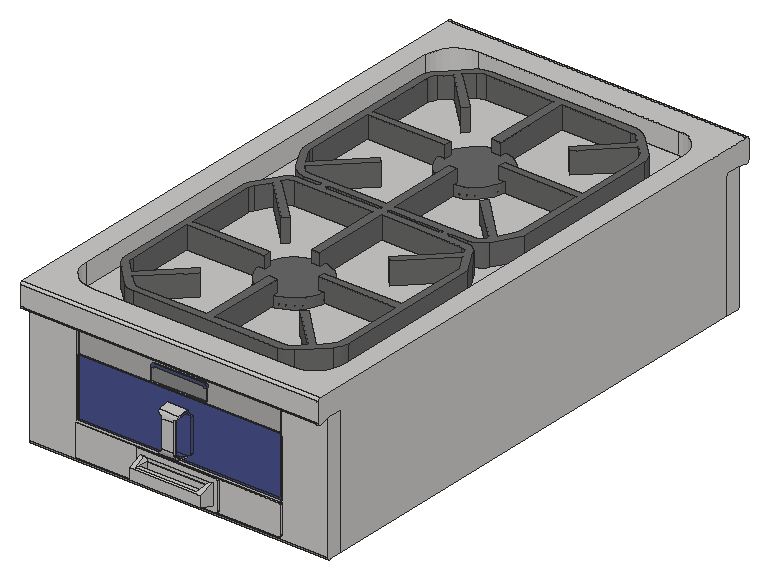
Revit family "QF_ELECTROLUXPROFESSIONAL_589081_MCGDACEOPI", category Specialty Equipment, Revit 2018
Family settings
  Round Connector Dimension = Use Diameter
  Part Type = Normal
  Work Plane-Based = No
  Always vertical = Yes
  Cut with Voids When Loaded = No
  Shared = No
  Room Calculation Point = No
Parameters
  Weight in Pounds = 90.38
  Watts = 0 W
  URL Cutsheet = ""
  Type Mark [instance] = ""
  Status [instance] = ""
  Specification by User [instance] = ""
  Specification by Manufacturer = ""
  Show Clearance [instance] = yes
  Serial Number = ""
  Seismic Rating = ""
  SMACNA No = ""
  Revision Code [instance] = ""
  Omniclass Number and Title = ""
  NAFEM Spec ID Number = ""
  Model = "589081"
  Mechanical Remarks [instance] = ""
  Mechanical Connection Type [instance] = ""
  Masterspec = ""
  Manufacturer = "ELECTROLUX"
  Item Number [instance] = ""
  Installed By [instance] = ""
  Identify Quantity as Lot [instance] = yes
  HP = "0 HP"
  Gas Size = 1/2"
  Gas RI Height [instance] = 0 mm
  Gas KW = 20
  Gas Input = 68180.0 Btu/h
  Gas Connection Height [instance] = 0 mm
  Furnished By [instance] = ""
  Foodservice Equipment Identifier [instance] = yes
  Direct Waste Size = 0"
  Description = "GAS TOP,2 BURNERS,ECO,2SIDE,500X900X250H"
  CSI MasterFormat = ""
  CSI Master Format = ""
  Back Panel [instance] = yes
Reference planes
  plane 1 "BACK": y = 0
  plane 2: z = 0
  plane 3 "LEFT": x = 0
  plane 4 "RIGHT": x = 500
  plane 5 "FRONT": y = -900
  plane 6 "TOP": z = 250
  plane 7: x = 250
  plane 8: y = -450
  plane 9: x = 465
  plane 10: y = -60.425
  plane 11: y = -1330
Forms (mm)
  Extrusion 1, solid, material "QF_Finishes_Stainless Steel"
    sketch origin (0, -487.128, 0) x (0, 1, 0) y (0, 0, 1)
      loop
        line (483.128, 250) -> (-408.872, 250)
        arc (-408.872, 250) -> (-411.7, 248.828) -> (-412.872, 246) r 4
        line (-412.872, 246) -> (-412.872, 214)
        arc (-412.872, 214) -> (-411.437, 210.931) -> (-408.161, 210.064) r 4
        line (-408.161, 210.064) -> (-392.872, 213) -> (-367.872, 213) -> (-367.872, 0) -> (442.128, 0) -> (442.128, 213) -> (465.765, 213) -> (482.433, 210.061)
        arc (482.433, 210.061) -> (485.699, 210.936) -> (487.128, 214) r 4
        line (487.128, 214) -> (487.128, 246)
        arc (487.128, 246) -> (485.956, 248.828) -> (483.128, 250) r 4
    from 0 to 500
  Extrusion 2, void
    sketch origin (653.786, 44.048, 250) x (1, 0, 0) y (0, -1, 0)
      loop
        line (-570.234, 89.462) -> (-235.321, 89.462)
        arc (-235.321, 89.462) -> (-200.694, 103.805) -> (-186.351, 138.432) r 48.97
        line (-186.351, 138.432) -> (-186.351, 850.078)
        arc (-186.351, 850.078) -> (-200.694, 884.705) -> (-235.321, 899.048) r 48.97
        line (-235.321, 899.048) -> (-570.234, 899.048)
        arc (-570.234, 899.048) -> (-605.59, 884.403) -> (-620.234, 849.048) r 50
        line (-620.234, 849.048) -> (-620.234, 139.462)
        arc (-620.234, 139.462) -> (-605.59, 104.107) -> (-570.234, 89.462) r 50
    from 0 to 37
  Extrusion 3, solid, material "QF_Finishes_Stainless Steel"
    sketch origin (10, -759, 0) x (1, 0, 0) y (0, -1, 0)
      loop
        circle (455, -169) r 6.35
    from 0 to 3.2
  Extrusion 4, solid, material "QF_Door-Drawer Clearances", visible <- "Show Clearance", detail levels coarse
    sketch origin (-178.969, -4572, 0) x (-1, 0, 0) y (0, -1, 0)
      loop
        line (-257.364, -3689.407) -> (-257.364, -3242) -> (-601.364, -3242) -> (-601.364, -3689.407) -> (-257.364, -3689.407)
    from 8.012 to 59.392
Cuts and joins
  Extrusion 2 cuts Extrusion 1
Lines and regions (mm)
  symbolic lines
    curve 1: line (0, 0, 0) -> (500, 0, 0)
    curve 2: line (0, -900, 0) -> (0, 0, 0)
    curve 3: line (500, -900, 0) -> (0, -900, 0)
    curve 4: line (500, 0, 0) -> (500, -900, 0)
    curve 5: arc (83.552, -855, 0) -> (48.197, -840.355, 0) -> (33.552, -805, 0) r 50
    curve 6: line (33.552, -805, 0) -> (33.552, -95.414, 0)
    curve 7: arc (33.552, -95.414, 0) -> (48.197, -60.059, 0) -> (83.552, -45.414, 0) r 50
    curve 8: line (83.552, -45.414, 0) -> (418.465, -45.414, 0)
    curve 9: arc (418.465, -45.414, 0) -> (453.092, -59.757, 0) -> (467.435, -94.384, 0) r 48.97
    curve 10: line (467.435, -94.384, 0) -> (467.435, -806.03, 0)
    curve 11: arc (467.435, -806.03, 0) -> (453.092, -840.657, 0) -> (418.465, -855, 0) r 48.97
    curve 12: line (418.465, -855, 0) -> (83.552, -855, 0)
  symbolic lines, style "QF_Door-Drawer Clearances"
    curve 13: line (78.395, -900, 0) -> (78.395, -1330, 0)
    curve 14: line (78.395, -1330, 0) -> (422.395, -1330, 0)
    curve 15: line (422.395, -1330, 0) -> (422.395, -900, 0)
Dimensions and locks
  plane 3 "LEFT" to plane 4 "RIGHT" = 500 mm
  plane 5 "FRONT" to plane 1 "BACK" = 900 mm
  equal spacing: plane 3 "LEFT", plane 7, plane 4 "RIGHT"
  equal spacing: plane 5 "FRONT", plane 8, plane 1 "BACK"
  plane 6 "TOP" to level = 250 mm  (x2)
  plane 1 "BACK" to plane 5 "FRONT" = 900 mm
  Extrusion 3 sketch curve to plane 1 "BACK" = 590 mm
  Extrusion 3 sketch curve to plane 4 "RIGHT" = 35 mm
  plane 1 "BACK" to Extrusion 3 = 590 mm
  plane 9 to plane 4 "RIGHT" = 35 mm
  plane 5 "FRONT" to plane 11 = 430 mm
  aligned and locked: level to plane 2
  aligned and locked: plane 7 to nested 1
  aligned and locked: Extrusion 1 to plane 4 "RIGHT"
Automatic sketch dimensions
  Extrusion 1 sketch curve to plane 5 "FRONT" = 0 mm
  Extrusion 1 sketch curve to plane 6 "TOP" = 0 mm
  Extrusion 1 sketch curve to level = 0 mm
  Extrusion 1 sketch curve to plane 1 "BACK" = 0 mm
  Extrusion 1 sketch curve to plane 6 "TOP" = 37 mm  (x2)
  Extrusion 1 sketch curve to plane 5 "FRONT" = 4 mm
  Extrusion 1 sketch curve to plane 5 "FRONT" = 20 mm
  Extrusion 1 sketch curve to plane 5 "FRONT" = 45 mm
  plane 1 "BACK" to Extrusion 1 sketch curve = 21.363 mm
  plane 1 "BACK" to Extrusion 1 sketch curve = 4 mm  (x2)
  Extrusion 1 sketch curve to Extrusion 1 sketch curve = 4 mm
  Extrusion 1 sketch curve to Extrusion 1 sketch curve = 0.711 mm
  plane 1 "BACK" to Extrusion 1 sketch curve = 4.695 mm
  Extrusion 1 sketch curve to Extrusion 1 sketch curve = 0 mm  (x2)
  Extrusion 1 sketch curve to Extrusion 1 sketch curve = 1 mm  (x2)
  plane 1 "BACK" to Extrusion 1 sketch curve = 45 mm
  plane 1 "BACK" to curve 1 = 0 mm
  curve 1 to plane 4 "RIGHT" = 0 mm
  curve 2 to plane 3 "LEFT" = 0 mm
  plane 5 "FRONT" to curve 2 = 0 mm
  Extrusion 2 sketch curve to Extrusion 2 sketch curve = 50 mm  (x2)
  Extrusion 1 to Extrusion 2 sketch curve = 81.535 mm  (x2)
  Extrusion 1 to Extrusion 2 sketch curve = 41 mm
  Extrusion 1 to Extrusion 2 sketch curve = 32.565 mm
  Extrusion 1 to Extrusion 2 sketch curve = 33.552 mm
  Extrusion 1 to Extrusion 2 sketch curve = 91.414 mm
  curve 10 to plane 9 = 2.435 mm
  plane 10 to curve 8 = 15.012 mm
  plane 9 to curve 8 = 46.535 mm
  plane 3 "LEFT" to curve 8 = 83.552 mm
  plane 3 "LEFT" to curve 6 = 33.552 mm
  curve 6 to plane 5 "FRONT" = 95 mm
  plane 9 to curve 12 = 46.535 mm
  curve 10 to plane 5 "FRONT" = 93.97 mm
  Extrusion 4 sketch curve to plane 5 "FRONT" = 17.407 mm
  plane 7 to Extrusion 4 sketch curve = 172.395 mm
  plane 3 "LEFT" to Extrusion 4 sketch curve = 78.395 mm
  plane 5 "FRONT" to Extrusion 4 sketch curve = 430 mm
  curve 13 to plane 11 = 0 mm
  plane 3 "LEFT" to curve 13 = 78.395 mm
  plane 9 to curve 14 = 42.605 mm
  curve 13 to plane 5 "FRONT" = 0 mm
  curve 15 to plane 5 "FRONT" = 0 mm
  radius of Extrusion 3 sketch curve = 6.35 mm
Nested families
  nested 1: "EG_900_500_Single Range Control Handle Front Panel" at (202.376, -855, -650), type "EG_900_500_Single Range Control Handle Front Panel"
  nested 2: "OBT_900_Open Burner" at (250, -450.207, -649.319), type "OBT_900_Open Burner"
  nested 3: "EG_900_500_Single Range Control Handle Back Panel" at (202.376, -45, -650), type "EG_900_500_Single Range Control Handle Back Panel"
Connectors
  piping at (465, -590, -3.2), diameter 12.8
    settings: on Extrusion 3, index 1, connector inside diameter 0.50394", connector length 0 mm, flow factor 0, pipe flow 0 GPM, pressure drop 0.00 psi, fitting loss kfactor 0, connector angle 0.00°, fixture units 0, engagement length 0 mm, angle of deflection 0.00°, flow configuration 1, flow direction 1, fitting loss method 0, system type 7, joint type 0, gender type 0, connector reference index -1, connector utility 0, adjustable connector no, is connector primary yes, connector description "GAS CONNECTION"
Definition of nested family "EG_900_500_Single Range Control Handle Front Panel"
  Reference planes
    plane 1 "Center (Front/Back)": y = 0
    plane 2: z = 0
    plane 3 "Center (Left/Right)": x = 47.624
    plane 4: x = -202.376
    plane 5: x = 297.624
    plane 6: y = -45
  Forms (mm)
    Extrusion 1, solid
      sketch origin (833.217, 829.203, -1.25) x (0, 1, 0) y (0, 0, 1)
        loop
          arc (-854.203, 654.25) -> (-853.324, 652.129) -> (-851.203, 651.25) r 3
          line (-851.203, 651.25) -> (-829.203, 651.25) -> (-829.203, 864.25) -> (-854.203, 864.25) -> (-854.203, 654.25)
      from -1035.593 to -535.593
    Extrusion 2, void
      sketch origin (33.217, 829.203, -1.25) x (1, 0, 0) y (0, 0, 1)
        loop
          line (-157.593, 855.116) -> (-157.593, 713.116) -> (186.407, 713.116) -> (186.407, 855.116) -> (-157.593, 855.116)
      from 848.59 to 854.203
  Cuts and joins
    Extrusion 2 cuts Extrusion 1
  Dimensions and locks
    equal spacing: plane 5, plane 3 "Center (Left/Right)", plane 4
    plane 5 to plane 4 = 500 mm
    aligned and locked: cut or joined group of Extrusion 1, Extrusion 2 to plane 4
    aligned and locked: plane 5 to cut or joined group of Extrusion 1, Extrusion 2
    aligned and locked: plane 3 "Center (Left/Right)" to nested 1
    aligned and locked: cut or joined group of Extrusion 1, Extrusion 2 to nested 1
  Automatic sketch dimensions
    Extrusion 1 sketch curve to plane 1 "Center (Front/Back)" = 0 mm
    plane 1 "Center (Front/Back)" to Extrusion 1 sketch curve = 22 mm
    Extrusion 1 sketch curve to Extrusion 1 sketch curve = 3 mm
    level to Extrusion 1 sketch curve = 650 mm
    Extrusion 1 sketch curve to Extrusion 1 sketch curve = 210 mm
    plane 4 to Extrusion 2 sketch curve = 78 mm
    Extrusion 2 sketch curve to plane 5 = 78 mm
    level to Extrusion 2 sketch curve = 711.866 mm
    Extrusion 2 sketch curve to Extrusion 2 sketch curve = 142 mm
  Nested families
    nested 1: "glass conrol panel" at (47.624, 280.644, 2.752), type "glass conrol panel"
    nested 2: "Range Control Handle" at (47.624, -28.137, -209.113), type "Range Control Handle"
    nested 3: "grease trap door" at (-19.975, -25, 0), type "grease trap door"
  Definition of nested family "glass conrol panel"
    Reference planes
      plane 1 "Center (Front/Back)": y = 0
      plane 2: z = 0
      plane 3 "Center (Left/Right)": x = 0
    Forms (mm)
      Extrusion 1, solid
        sketch origin (378.286, 0, 0.617) x (1, 0, 0) y (0, 0, 1)
          loop
            line (-550.286, 806.791) -> (-550.286, 708.497) -> (-206.286, 708.497) -> (-206.286, 806.791) -> (-550.286, 806.791)
        from 300.031 to 304.8
      Extrusion 2, solid
        sketch origin (378.286, 0, 0.617) x (1, 0, 0) y (0, 0, 1)
          loop
            line (-550.286, 850.497) -> (-550.286, 806.791) -> (-206.286, 806.791) -> (-206.286, 850.497) -> (-550.286, 850.497)
        from 300.031 to 304.8
      Extrusion 3, void
        sketch origin (378.286, 0, 0.617) x (1, 0, 0) y (0, 0, 1)
          loop
            line (-547.628, 847.565) -> (-547.628, 710.699) -> (-209.196, 710.699) -> (-209.196, 847.565) -> (-547.628, 847.565)
        from 303.697 to 304.8
      Extrusion 4, solid
        sketch origin (308.309, 1.101, -0.633) x (1, 0, 0) y (0, 0, 1)
          loop
            line (-261.431, 812.62) -> (-261.431, 834.177) -> (-266.24, 834.177) -> (-268.039, 835.977) -> (-348.469, 835.977) -> (-350.269, 834.177) -> (-355.186, 834.177) -> (-355.186, 812.62) -> (-261.431, 812.62)
        from 304.798 to 306.745
      Extrusion 5, solid
        sketch origin (308.309, 1.101, -0.633) x (1, 0, 0) y (0, 0, 1)
          loop
            line (-350.269, 834.177) -> (-348.469, 835.977) -> (-268.039, 835.977) -> (-266.24, 834.177) -> (-261.529, 834.177)
            arc (-261.529, 834.177) -> (-262.706, 838.752) -> (-266.98, 840.763) r 5.549
            line (-266.98, 840.763) -> (-349.686, 840.763)
            arc (-349.686, 840.763) -> (-353.942, 838.747) -> (-355.078, 834.177) r 5.5
            line (-355.078, 834.177) -> (-350.269, 834.177)
        from 304.798 to 306.745
    Cuts and joins
      Extrusion 3 cuts Extrusion 1
      Extrusion 3 cuts Extrusion 2
    Dimensions and locks
      aligned and locked: Extrusion 1 to Extrusion 2
      aligned and locked: Extrusion 5 sketch curve to Extrusion 4  (x4)
      aligned and locked: Extrusion 4 to Extrusion 5 sketch curve
      aligned and locked: Extrusion 5 to Extrusion 4
  Definition of nested family "Range Control Handle"
    Reference planes
      plane 1 "Center (Front/Back)": y = 0
      plane 2: z = 0
      plane 3 "Center (Left/Right)": x = 0
      plane 4: z = 971.092
      plane 5: y = -16.9
    Forms (mm)
      Extrusion 1, solid
        sketch origin (-746.28, 380.497, 208.931) x (-1, 0, 0) y (0, 0, 1)
          loop
            line (-770.101, 786.798) -> (-770.101, 731.649)
            arc (-770.101, 731.649) -> (-769.759, 730.563) -> (-768.855, 729.87) r 1.893
            line (-768.855, 729.87) -> (-763.474, 727.911) -> (-729.81, 727.911) -> (-724.428, 729.87)
            arc (-724.428, 729.87) -> (-723.525, 730.563) -> (-723.183, 731.649) r 1.893
            line (-723.183, 731.649) -> (-723.183, 786.798)
            arc (-723.183, 786.798) -> (-723.529, 787.894) -> (-724.44, 788.593) r 1.91
            line (-724.44, 788.593) -> (-729.683, 790.819) -> (-763.601, 790.819) -> (-768.844, 788.593)
            arc (-768.844, 788.593) -> (-769.755, 787.894) -> (-770.101, 786.798) r 1.91
        from -382.35 to -378.852
      Sweep 2, solid
        path origin (-746.788, 380.496, 208.091) x (0, -1, 0) y (0, 0, 1)
          loop
            line (379.775, 793.281) -> (395.661, 791.048)
            arc (395.661, 791.048) -> (397.781, 787.377) -> (398.517, 783.202) r 12.207
            line (398.517, 783.202) -> (398.517, 737.368)
            arc (398.517, 737.368) -> (397.781, 733.193) -> (395.661, 729.522) r 12.207
            line (395.661, 729.522) -> (379.775, 727.289)
        profile origin (-746.788, -7.222, 1000.256) x (0, -0.139173, 0.990268) y (-1, 0, 0)
          loop
            line (0.782, -763.123) -> (0.782, -730.907) -> (-1.322, -730.907) -> (-1.322, -763.123) -> (0.782, -763.123)
      Sweep 3, solid
        path origin (-746.788, 380.715, 207.832) x (0, -1, 0) y (0, 0, 1)
          loop
            line (380.478, 795.442) -> (397.218, 793.09)
            arc (397.218, 793.09) -> (399.929, 788.473) -> (400.871, 783.202) r 15.207
            line (400.871, 783.202) -> (400.871, 737.584)
            arc (400.871, 737.584) -> (399.914, 732.274) -> (397.164, 727.633) r 15.207
            line (397.164, 727.633) -> (380.601, 725.305)
        profile origin (-746.788, -8.132, 1002.099) x (0, -0.139173, 0.990268) y (-1, 0, 0)
          loop
            line (0.782, -763.123) -> (0.782, -730.907) -> (-1.322, -730.907) -> (-1.322, -763.123) -> (0.782, -763.123)
      Extrusion 4, void
        sketch origin (889.253, 220.666, 207.993) x (1, 0, 0) y (0, 0, 1)
          loop
            line (-943.038, 816.854) -> (-943.038, 703.686) -> (-899.466, 734.196) -> (-899.466, 786.344) -> (-943.038, 816.854)
        from 230.636 to 242.25
      Extrusion 5, void
        sketch origin (-888.8, 220.666, 207.993) x (-1, 0, 0) y (0, 0, -1)
          loop
            line (-943.038, -816.854) -> (-899.466, -786.344) -> (-899.466, -734.196) -> (-943.038, -703.686) -> (-943.038, -816.854)
        from 230.636 to 242.25
      Extrusion 6, solid
        sketch origin (0, 0, 0) x (1, 0, 0) y (0, 0, 1)
          loop
            circle (0, 971.092) r 7.736
        from -3.137 to -1.645
    Cuts and joins
      Extrusion 4, Extrusion 5 cuts Sweep 3
      Extrusion 4, Extrusion 5 cuts Sweep 2
      joined: Extrusion 1, Extrusion 6
    Lines and regions (mm)
      symbolic lines
        curve 1: line (16.334, -16.9, 0) -> (16.334, -19.227, 0)
        curve 2: spline (16.334, -19.227, 0) -> (15.87, -19.385, 0) -> (15.404, -19.536, 0) -> (14.936, -19.678, 0) -> (14.466, -19.813, 0) -> (13.995, -19.94, 0) -> (13.523, -20.059, 0) -> (13.049, -20.171, 0) -> (12.575, -20.274, 0) -> (12.099, -20.37, 0) -> (11.622, -20.458, 0) -> (11.144, -20.537, 0) -> (10.666, -20.609, 0)
        curve 3: line (10.666, -16.9, 0) -> (10.666, -20.938, 0)
        curve 4: line (-10.213, -20.938, 0) -> (10.666, -20.938, 0)
        curve 5: line (-10.213, -20.938, 0) -> (-10.213, -16.9, 0)
        curve 6: spline (-10.213, -20.609, 0) -> (-10.691, -20.537, 0) -> (-11.169, -20.458, 0) -> (-11.646, -20.37, 0) -> (-12.122, -20.274, 0) -> (-12.597, -20.171, 0) -> (-13.07, -20.059, 0) -> (-13.542, -19.94, 0) -> (-14.013, -19.813, 0) -> (-14.483, -19.678, 0) -> (-14.951, -19.536, 0) -> (-15.417, -19.385, 0) -> (-15.881, -19.227, 0)
        curve 7: line (-15.881, -19.227, 0) -> (-15.881, -16.9, 0)
  Definition of nested family "grease trap door"
    Reference planes
      plane 1 "Center (Front/Back)": y = 0
      plane 2: z = 0
      plane 3 "Center (Left/Right)": x = 0
      plane 4: y = -20
    Forms (mm)
      Extrusion 1, solid
        sketch origin (1627.55, 854.203, -1.25) x (1, 0, 0) y (0, 0, 1)
          loop
            arc (-1627.55, 661.235) -> (-1626.972, 659.84) -> (-1625.577, 659.262) r 1.973
            line (-1625.577, 659.262) -> (-1494.325, 659.262)
            arc (-1494.325, 659.262) -> (-1492.156, 660.16) -> (-1491.258, 662.329) r 3.067
            line (-1491.258, 662.329) -> (-1491.258, 708.803)
            arc (-1491.258, 708.803) -> (-1492.414, 710.143) -> (-1494.111, 710.642) r 3.133
            line (-1494.111, 710.642) -> (-1625.486, 710.642)
            arc (-1625.486, 710.642) -> (-1626.945, 710.038) -> (-1627.55, 708.579) r 2.063
            line (-1627.55, 708.579) -> (-1627.55, 661.235)
        from 856.795 to 859.203
      Extrusion 2, solid
        sketch origin (445.874, 2476.61, 0) x (0, 1, 0) y (0, 0, 1)
          loop
            line (-2506.377, 675.273) -> (-2481.61, 667.505) -> (-2481.61, 700.995) -> (-2506.377, 693.227) -> (-2506.377, 675.273)
        from -437.68 to -317.68
      Extrusion 3, void
        sketch origin (1627.55, 854.203, -1.25) x (1, 0, 0) y (0, 0, 1)
          loop
            line (-1614.883, 703) -> (-1610.542, 695.433) -> (-1508.17, 695.433) -> (-1503.828, 703) -> (-1614.883, 703)
          loop
            line (-1614.883, 668) -> (-1502.669, 668) -> (-1507.01, 675.567) -> (-1610.542, 675.567) -> (-1614.883, 668)
        from 832.916 to 883.97
      Extrusion 4, void
        sketch origin (447.55, 854.203, -1.25) x (1, 0, 0) y (0, 0, 1)
          loop
            line (-430.542, 695.433) -> (-430.542, 675.567) -> (-328.17, 675.567) -> (-328.17, 695.433) -> (-430.542, 695.433)
        from 859.203 to 874.202
      Extrusion 5, solid
        sketch origin (1627.55, 854.203, -1.25) x (1, 0, 0) y (0, 0, 1)
          loop
            arc (-1731.556, 661.235) -> (-1730.978, 659.84) -> (-1729.583, 659.262) r 1.973
            line (-1729.583, 659.262) -> (-1390.623, 659.262)
            arc (-1390.623, 659.262) -> (-1388.454, 660.16) -> (-1387.556, 662.329) r 3.067
            line (-1387.556, 662.329) -> (-1387.556, 708.803)
            arc (-1387.556, 708.803) -> (-1388.712, 710.143) -> (-1390.409, 710.642) r 3.133
            line (-1390.409, 710.642) -> (-1729.493, 710.642)
            arc (-1729.493, 710.642) -> (-1730.952, 710.038) -> (-1731.556, 708.579) r 2.063
            line (-1731.556, 708.579) -> (-1731.556, 661.235)
        from 854.203 to 856.795
    Cuts and joins
      Extrusion 3 cuts Extrusion 1
      Extrusion 3, Extrusion 4 cuts Extrusion 2
      joined: Extrusion 1, Extrusion 2
    Lines and regions (mm)
      model lines
        curve 1: line (67.599, 0, 658.012) -> (67.599, 0, 709.392)
      symbolic lines
        curve 2: line (8.194, -20, 0) -> (8.194, -29.767, 0)
        curve 3: line (8.194, -29.767, 0) -> (128.194, -29.767, 0)
        curve 4: line (128.194, -29.767, 0) -> (128.194, -20, 0)
    Dimensions and locks
      aligned and locked: Extrusion 2 to Extrusion 1
      aligned and locked: Extrusion 3 to Extrusion 2
      aligned and locked: Extrusion 4 to Extrusion 1
Definition of nested family "OBT_900_Open Burner"
  Reference planes
    plane 1 "Center (Front/Back)": y = 0
    plane 2: z = 0
    plane 3 "Center (Left/Right)": x = 0
    plane 4: x = -186.448
    plane 5: x = 187.435
    plane 6: y = 374.793
    plane 7: y = -374.793
    plane 8: y = -188.326
  Forms (mm)
    Extrusion 1, solid
      sketch origin (2130.573, 56.896, -679.622) x (1, 0, 0) y (0, 1, 0)
        loop
          line (-2137.44, 306.49) -> (-2250.793, 306.49)
          arc (-2250.793, 306.49) -> (-2257.908, 305.075) -> (-2263.94, 301.044) r 18.593
          line (-2263.94, 301.044) -> (-2276.233, 288.751) -> (-2213.48, 225.998) -> (-2221.6, 217.877) -> (-2284.354, 280.631) -> (-2300.33, 264.654)
          arc (-2300.33, 264.654) -> (-2304.433, 258.337) -> (-2305.614, 250.897) r 18.125
          line (-2305.614, 250.897) -> (-2305.614, 138.422) -> (-2175.79, 138.422) -> (-2175.79, 126.938) -> (-2305.614, 126.938) -> (-2305.614, 10.897)
          arc (-2305.614, 10.897) -> (-2304.981, 6.085) -> (-2303.123, 1.601) r 18.593
          line (-2303.123, 1.601) -> (-2290.078, -20.994) -> (-2221.6, 47.483) -> (-2213.48, 39.363) -> (-2284.012, -31.169)
          arc (-2284.012, -31.169) -> (-2278.546, -38.527) -> (-2270.23, -42.379) r 18.593
          line (-2270.23, -42.379) -> (-2137.44, -42.379) -> (-2137.44, 87.464) -> (-2123.707, 87.464) -> (-2123.707, -42.379) -> (-1989.813, -42.379)
          arc (-1989.813, -42.379) -> (-1981.496, -38.527) -> (-1976.031, -31.169) r 18.593
          line (-1976.031, -31.169) -> (-2047.115, 39.915) -> (-2038.994, 48.035) -> (-1969.962, -20.997) -> (-1954.428, 5.916) -> (-1954.428, 126.938) -> (-2085.357, 126.938) -> (-2085.357, 138.422) -> (-1954.428, 138.422) -> (-1954.428, 247.888)
          arc (-1954.428, 247.888) -> (-1956.538, 258.496) -> (-1962.547, 267.489) r 27.72
          line (-1962.547, 267.489) -> (-1975.689, 280.631) -> (-2038.994, 217.325) -> (-2047.115, 225.446) -> (-1983.809, 288.751) -> (-1996.102, 301.044)
          arc (-1996.102, 301.044) -> (-2002.134, 305.075) -> (-2009.25, 306.49) r 18.593
          line (-2009.25, 306.49) -> (-2123.707, 306.49) -> (-2123.707, 177.897) -> (-2137.44, 177.897) -> (-2137.44, 306.49)
        loop
          arc (-2317.021, 10.897) -> (-2315.999, 3.132) -> (-2313.002, -4.103) r 30
          line (-2313.002, -4.103) -> (-2292.795, -39.103)
          arc (-2292.795, -39.103) -> (-2281.814, -50.084) -> (-2266.814, -54.103) r 30
          line (-2266.814, -54.103) -> (-2239.287, -54.103)
          arc (-2239.287, -54.103) -> (-2238.243, -56) -> (-2236.272, -56.896) r 3.438
          arc (-2236.272, -56.896) -> (-2238.243, -57.792) -> (-2239.287, -59.689) r 3.438
          line (-2239.287, -59.689) -> (-2266.814, -59.689)
          arc (-2266.814, -59.689) -> (-2281.814, -63.708) -> (-2292.795, -74.689) r 30
          line (-2292.795, -74.689) -> (-2313.002, -109.689)
          arc (-2313.002, -109.689) -> (-2315.999, -116.924) -> (-2317.021, -124.689) r 30
          line (-2317.021, -124.689) -> (-2317.021, -365.461)
          arc (-2317.021, -365.461) -> (-2314.738, -376.941) -> (-2308.234, -386.674) r 30
          line (-2308.234, -386.674) -> (-2271.975, -422.933)
          arc (-2271.975, -422.933) -> (-2262.253, -429.414) -> (-2250.793, -431.689) r 30
          line (-2250.793, -431.689) -> (-2009.25, -431.689)
          arc (-2009.25, -431.689) -> (-1997.786, -429.412) -> (-1988.062, -422.928) r 30
          line (-1988.062, -422.928) -> (-1951.808, -386.674)
          arc (-1951.808, -386.674) -> (-1945.305, -376.941) -> (-1942.982, -365.461) r 30
          line (-1942.982, -365.461) -> (-1942.982, -116.719) -> (-1967.248, -74.689)
          arc (-1967.248, -74.689) -> (-1978.229, -63.708) -> (-1993.229, -59.689) r 30
          line (-1993.229, -59.689) -> (-2020.319, -59.689)
          arc (-2020.319, -59.689) -> (-2021.979, -57.759) -> (-2024.375, -56.896) r 5
          arc (-2024.375, -56.896) -> (-2021.979, -56.033) -> (-2020.319, -54.103) r 5
          line (-2020.319, -54.103) -> (-1993.229, -54.103)
          arc (-1993.229, -54.103) -> (-1978.229, -50.084) -> (-1967.248, -39.103) r 30
          line (-1967.248, -39.103) -> (-1943.138, 2.656) -> (-1943.138, 254.314)
          arc (-1943.138, 254.314) -> (-1945.839, 264.361) -> (-1951.808, 272.882) r 30
          line (-1951.808, 272.882) -> (-1988.062, 309.136)
          arc (-1988.062, 309.136) -> (-1997.786, 315.62) -> (-2009.25, 317.897) r 30
          line (-2009.25, 317.897) -> (-2250.793, 317.897)
          arc (-2250.793, 317.897) -> (-2262.253, 315.622) -> (-2271.975, 309.141) r 30
          line (-2271.975, 309.141) -> (-2308.234, 272.882)
          arc (-2308.234, 272.882) -> (-2314.738, 263.149) -> (-2317.021, 251.669) r 30
          line (-2317.021, 251.669) -> (-2317.021, 10.897)
        loop
          arc (-2122.397, -54.103) -> (-2124.057, -56.033) -> (-2126.452, -56.896) r 5
          arc (-2126.452, -56.896) -> (-2124.057, -57.759) -> (-2122.397, -59.689) r 5
          line (-2122.397, -59.689) -> (-2035.829, -59.689)
          arc (-2035.829, -59.689) -> (-2034.784, -57.792) -> (-2032.813, -56.896) r 3.438
          arc (-2032.813, -56.896) -> (-2034.784, -56) -> (-2035.829, -54.103) r 3.438
          line (-2035.829, -54.103) -> (-2122.397, -54.103)
        loop
          arc (-2223.778, -54.103) -> (-2225.438, -56.033) -> (-2227.833, -56.896) r 5
          arc (-2227.833, -56.896) -> (-2225.438, -57.759) -> (-2223.778, -59.689) r 5
          line (-2223.778, -59.689) -> (-2137.906, -59.689)
          arc (-2137.906, -59.689) -> (-2136.862, -57.792) -> (-2134.891, -56.896) r 3.438
          arc (-2134.891, -56.896) -> (-2136.862, -56) -> (-2137.906, -54.103) r 3.438
          line (-2137.906, -54.103) -> (-2223.778, -54.103)
        loop
          line (-2137.44, -420.282) -> (-2137.44, -290.439) -> (-2123.707, -290.439) -> (-2123.707, -420.282) -> (-2009.25, -420.282)
          arc (-2009.25, -420.282) -> (-2002.134, -418.867) -> (-1996.102, -414.836) r 18.593
          line (-1996.102, -414.836) -> (-1983.184, -401.918) -> (-2047.115, -337.988) -> (-2038.994, -329.867) -> (-1975.064, -393.798) -> (-1962.547, -381.281)
          arc (-1962.547, -381.281) -> (-1956.538, -372.288) -> (-1954.428, -361.68) r 27.72
          line (-1954.428, -361.68) -> (-1954.428, -250.964) -> (-2085.357, -250.964) -> (-2085.357, -239.48) -> (-1954.428, -239.48) -> (-1954.428, -119.708) -> (-1970.42, -92.003) -> (-2038.994, -160.577) -> (-2047.115, -152.457) -> (-1976.413, -81.755)
          arc (-1976.413, -81.755) -> (-1981.868, -74.971) -> (-1989.813, -71.413) r 18.593
          line (-1989.813, -71.413) -> (-2123.707, -71.413) -> (-2123.707, -200.006) -> (-2137.44, -200.006) -> (-2137.44, -71.413) -> (-2270.23, -71.413)
          arc (-2270.23, -71.413) -> (-2278.175, -74.971) -> (-2283.629, -81.755) r 18.593
          line (-2283.629, -81.755) -> (-2213.48, -151.905) -> (-2221.6, -160.025) -> (-2289.62, -92.005) -> (-2303.123, -115.393)
          arc (-2303.123, -115.393) -> (-2304.981, -119.877) -> (-2305.614, -124.689) r 18.593
          line (-2305.614, -124.689) -> (-2305.614, -239.48) -> (-2175.79, -239.48) -> (-2175.79, -250.964) -> (-2305.614, -250.964) -> (-2305.614, -364.689)
          arc (-2305.614, -364.689) -> (-2304.433, -372.129) -> (-2300.33, -378.446) r 18.125
          line (-2300.33, -378.446) -> (-2284.979, -393.798) -> (-2221.6, -330.419) -> (-2213.48, -338.54) -> (-2276.858, -401.918) -> (-2263.94, -414.836)
          arc (-2263.94, -414.836) -> (-2257.908, -418.867) -> (-2250.793, -420.282) r 18.593
          line (-2250.793, -420.282) -> (-2137.44, -420.282)
      from 1542.072 to 1578.941
    Extrusion 2, solid
      sketch origin (2130.573, 61.122, 0) x (1, 0, 0) y (0, 1, 0)
        loop
          circle (-2130.573, -249.448) r 55
        loop
          circle (-2130.573, 128.455) r 55
      from 862.45 to 879.837
    Extrusion 3, void
      sketch origin (-124.371, -355.785, -22.784) x (-0.587785, -0.809017, 0) y (0, 0, 1)
        loop
          circle (-213.495, 891.283) r 1
      from -67.69 to -35.114
    Extrusion 4, void
      sketch origin (-89.903, -376.417, -22.784) x (-0.422618, -0.906308, 0) y (0, 0, 1)
        loop
          circle (-213.495, 891.283) r 1
      from -74.826 to -35.114
    Extrusion 5, void
      sketch origin (-52.131, -390.093, -22.784) x (-0.241922, -0.970296, 0) y (0, 0, 1)
        loop
          circle (-213.495, 891.283) r 1
      from -67.69 to -35.114
    Extrusion 6, void
      sketch origin (27.702, -394.842, -22.784) x (0.139173, -0.990268, 0) y (0, 0, 1)
        loop
          circle (-213.495, 891.283) r 1
      from -67.69 to -35.114
    Extrusion 7, void
      sketch origin (66.829, -385.74, -22.784) x (0.325568, -0.945519, 0) y (0, 0, 1)
        loop
          circle (-213.495, 891.283) r 1
      from -67.69 to -35.114
    Extrusion 8, void
      sketch origin (103.5, -369.339, -22.784) x (0.5, -0.866025, 0) y (0, 0, 1)
        loop
          circle (-213.495, 891.283) r 1
      from -67.69 to -35.114
    Extrusion 9, void
      sketch origin (136.368, -346.242, -22.784) x (0.656059, -0.75471, 0) y (0, 0, 1)
        loop
          circle (-213.495, 891.283) r 1
      from -67.69 to -35.114
    Extrusion 10, void
      sketch origin (164.225, -317.298, -22.784) x (0.788011, -0.615661, 0) y (0, 0, 1)
        loop
          circle (-213.495, 891.283) r 1
      from -67.69 to -35.114
    Extrusion 11, void
      sketch origin (186.048, -283.571, -22.784) x (0.891007, -0.45399, 0) y (0, 0, 1)
        loop
          circle (-213.495, 891.283) r 1
      from -67.69 to -35.114
    Extrusion 12, void
      sketch origin (201.034, -246.299, -22.784) x (0.961262, -0.275637, 0) y (0, 0, 1)
        loop
          circle (-213.495, 891.283) r 1
      from -67.69 to -35.114
    Extrusion 13, void
      sketch origin (208.566, -166.681, -22.784) x (0.994522, 0.104528, 0) y (0, 0, 1)
        loop
          circle (-213.495, 891.283) r 1
      from -67.69 to -35.114
    Extrusion 14, void
      sketch origin (200.835, -127.26, -22.784) x (0.956305, 0.292372, 0) y (0, 0, 1)
        loop
          circle (-213.495, 891.283) r 1
      from -67.69 to -35.114
    Extrusion 15, void
      sketch origin (185.724, -90.039, -22.784) x (0.882948, 0.469472, 0) y (0, 0, 1)
        loop
          circle (-213.495, 891.283) r 1
      from -67.69 to -35.114
    Extrusion 16, void
      sketch origin (163.788, -56.385, -22.784) x (0.777146, 0.62932, 0) y (0, 0, 1)
        loop
          circle (-213.495, 891.283) r 1
      from -67.69 to -35.114
    Extrusion 17, void
      sketch origin (135.834, -27.534, -22.784) x (0.642788, 0.766044, 0) y (0, 0, 1)
        loop
          circle (-213.495, 891.283) r 1
      from -67.69 to -35.114
    Extrusion 18, void
      sketch origin (102.889, -4.548, -22.784) x (0.48481, 0.87462, 0) y (0, 0, 1)
        loop
          circle (-213.495, 891.283) r 1
      from -67.69 to -35.114
    Extrusion 19, void
      sketch origin (66.163, 11.73, -22.784) x (0.309017, 0.951057, 0) y (0, 0, 1)
        loop
          circle (-213.495, 891.283) r 1
      from -67.69 to -35.114
    Extrusion 20, void
      sketch origin (-52.811, 15.685, -22.784) x (-0.258819, 0.965926, 0) y (0, 0, 1)
        loop
          circle (-213.495, 891.283) r 1
      from -67.69 to -35.114
    Extrusion 21, void
      sketch origin (-90.537, 1.882, -22.784) x (-0.438371, 0.898794, 0) y (0, 0, 1)
        loop
          circle (-213.495, 891.283) r 1
      from -67.69 to -35.114
    Extrusion 22, void
      sketch origin (-124.936, -18.865, -22.784) x (-0.601815, 0.798636, 0) y (0, 0, 1)
        loop
          circle (-213.495, 891.283) r 1
      from -67.69 to -35.114
    Extrusion 23, void
      sketch origin (-154.744, -45.796, -22.784) x (-0.743145, 0.669131, 0) y (0, 0, 1)
        loop
          circle (-213.495, 891.283) r 1
      from -67.69 to -35.114
    Extrusion 24, void
      sketch origin (-178.866, -77.919, -22.784) x (-0.857167, 0.515038, 0) y (0, 0, 1)
        loop
          circle (-213.495, 891.283) r 1
      from -67.69 to -35.114
    Extrusion 25, void
      sketch origin (-196.416, -114.054, -22.784) x (-0.939693, 0.34202, 0) y (0, 0, 1)
        loop
          circle (-213.495, 891.283) r 1
      from -67.69 to -35.114
    Extrusion 26, void
      sketch origin (-204.521, -232.817, -22.784) x (-0.97437, -0.224951, 0) y (0, 0, 1)
        loop
          circle (-213.495, 891.283) r 1
      from -67.69 to -35.114
    Extrusion 27, void
      sketch origin (-192.043, -271.002, -22.784) x (-0.913545, -0.406737, 0) y (0, 0, 1)
        loop
          circle (-213.495, 891.283) r 1
      from -67.69 to -35.114
    Extrusion 28, void
      sketch origin (-172.509, -306.104, -22.784) x (-0.819152, -0.573576, 0) y (0, 0, 1)
        loop
          circle (-213.495, 891.283) r 1
      from -67.69 to -35.114
    Extrusion 29, void
      sketch origin (-146.635, -336.834, -22.784) x (-0.694658, -0.71934, 0) y (0, 0, 1)
        loop
          circle (-213.495, 891.283) r 1
      from -67.69 to -35.114
    Extrusion 30, void
      sketch origin (-124.371, 22.118, -22.784) x (-0.587785, -0.809017, 0) y (0, 0, 1)
        loop
          circle (-213.495, 891.283) r 1
      from -67.69 to -35.114
    Extrusion 31, void
      sketch origin (-89.903, 1.485, -22.784) x (-0.422618, -0.906308, 0) y (0, 0, 1)
        loop
          circle (-213.495, 891.283) r 1
      from -74.826 to -35.114
    Extrusion 32, void
      sketch origin (-52.131, -12.191, -22.784) x (-0.241922, -0.970296, 0) y (0, 0, 1)
        loop
          circle (-213.495, 891.283) r 1
      from -67.69 to -35.114
    Extrusion 33, void
      sketch origin (27.702, -16.939, -22.784) x (0.139173, -0.990268, 0) y (0, 0, 1)
        loop
          circle (-213.495, 891.283) r 1
      from -67.69 to -35.114
    Extrusion 34, void
      sketch origin (66.829, -7.837, -22.784) x (0.325568, -0.945519, 0) y (0, 0, 1)
        loop
          circle (-213.495, 891.283) r 1
      from -67.69 to -35.114
    Extrusion 35, void
      sketch origin (103.5, 8.564, -22.784) x (0.5, -0.866025, 0) y (0, 0, 1)
        loop
          circle (-213.495, 891.283) r 1
      from -67.69 to -35.114
    Extrusion 36, void
      sketch origin (136.368, 31.66, -22.784) x (0.656059, -0.75471, 0) y (0, 0, 1)
        loop
          circle (-213.495, 891.283) r 1
      from -67.69 to -35.114
    Extrusion 37, void
      sketch origin (164.225, 60.604, -22.784) x (0.788011, -0.615661, 0) y (0, 0, 1)
        loop
          circle (-213.495, 891.283) r 1
      from -67.69 to -35.114
    Extrusion 38, void
      sketch origin (186.048, 94.332, -22.784) x (0.891007, -0.45399, 0) y (0, 0, 1)
        loop
          circle (-213.495, 891.283) r 1
      from -67.69 to -35.114
    Extrusion 39, void
      sketch origin (201.034, 131.603, -22.784) x (0.961262, -0.275637, 0) y (0, 0, 1)
        loop
          circle (-213.495, 891.283) r 1
      from -67.69 to -35.114
    Extrusion 40, void
      sketch origin (208.566, 211.222, -22.784) x (0.994522, 0.104528, 0) y (0, 0, 1)
        loop
          circle (-213.495, 891.283) r 1
      from -67.69 to -35.114
    Extrusion 41, void
      sketch origin (200.835, 250.642, -22.784) x (0.956305, 0.292372, 0) y (0, 0, 1)
        loop
          circle (-213.495, 891.283) r 1
      from -67.69 to -35.114
    Extrusion 42, void
      sketch origin (185.724, 287.864, -22.784) x (0.882948, 0.469472, 0) y (0, 0, 1)
        loop
          circle (-213.495, 891.283) r 1
      from -67.69 to -35.114
    Extrusion 43, void
      sketch origin (163.788, 321.518, -22.784) x (0.777146, 0.62932, 0) y (0, 0, 1)
        loop
          circle (-213.495, 891.283) r 1
      from -67.69 to -35.114
    Extrusion 44, void
      sketch origin (135.834, 350.368, -22.784) x (0.642788, 0.766044, 0) y (0, 0, 1)
        loop
          circle (-213.495, 891.283) r 1
      from -67.69 to -35.114
    Extrusion 45, void
      sketch origin (102.889, 373.355, -22.784) x (0.48481, 0.87462, 0) y (0, 0, 1)
        loop
          circle (-213.495, 891.283) r 1
      from -67.69 to -35.114
    Extrusion 46, void
      sketch origin (66.163, 389.633, -22.784) x (0.309017, 0.951057, 0) y (0, 0, 1)
        loop
          circle (-213.495, 891.283) r 1
      from -67.69 to -35.114
    Extrusion 47, void
      sketch origin (-52.811, 393.588, -22.784) x (-0.258819, 0.965926, 0) y (0, 0, 1)
        loop
          circle (-213.495, 891.283) r 1
      from -67.69 to -35.114
    Extrusion 48, void
      sketch origin (-90.537, 379.785, -22.784) x (-0.438371, 0.898794, 0) y (0, 0, 1)
        loop
          circle (-213.495, 891.283) r 1
      from -67.69 to -35.114
    Extrusion 49, void
      sketch origin (-124.936, 359.037, -22.784) x (-0.601815, 0.798636, 0) y (0, 0, 1)
        loop
          circle (-213.495, 891.283) r 1
      from -67.69 to -35.114
    Extrusion 50, void
      sketch origin (-154.744, 332.107, -22.784) x (-0.743145, 0.669131, 0) y (0, 0, 1)
        loop
          circle (-213.495, 891.283) r 1
      from -67.69 to -35.114
    Extrusion 51, void
      sketch origin (-178.866, 299.984, -22.784) x (-0.857167, 0.515038, 0) y (0, 0, 1)
        loop
          circle (-213.495, 891.283) r 1
      from -67.69 to -35.114
    Extrusion 52, void
      sketch origin (-196.416, 263.848, -22.784) x (-0.939693, 0.34202, 0) y (0, 0, 1)
        loop
          circle (-213.495, 891.283) r 1
      from -67.69 to -35.114
    Extrusion 53, void
      sketch origin (-204.521, 145.086, -22.784) x (-0.97437, -0.224951, 0) y (0, 0, 1)
        loop
          circle (-213.495, 891.283) r 1
      from -67.69 to -35.114
    Extrusion 54, void
      sketch origin (-192.043, 106.901, -22.784) x (-0.913545, -0.406737, 0) y (0, 0, 1)
        loop
          circle (-213.495, 891.283) r 1
      from -67.69 to -35.114
    Extrusion 55, void
      sketch origin (-172.509, 71.798, -22.784) x (-0.819152, -0.573576, 0) y (0, 0, 1)
        loop
          circle (-213.495, 891.283) r 1
      from -67.69 to -35.114
    Extrusion 56, void
      sketch origin (-146.635, 41.068, -22.784) x (-0.694658, -0.71934, 0) y (0, 0, 1)
        loop
          circle (-213.495, 891.283) r 1
      from -67.69 to -35.114
  Cuts and joins
    Extrusion 3, Extrusion 4, Extrusion 5, Extrusion 6, Extrusion 7, Extrusion 8, Extrusion 9, Extrusion 10, Extrusion 11, Extrusion 12, Extrusion 13, Extrusion 14, Extrusion 15, Extrusion 16, Extrusion 17, Extrusion 18, Extrusion 19, Extrusion 20, Extrusion 21, Extrusion 22, Extrusion 23, Extrusion 24, Extrusion 25, Extrusion 26, Extrusion 27, Extrusion 28, Extrusion 29, Extrusion 30, Extrusion 31, Extrusion 32, Extrusion 33, Extrusion 34, Extrusion 35, Extrusion 36, Extrusion 37, Extrusion 38, Extrusion 39, Extrusion 40, Extrusion 41, Extrusion 42, Extrusion 43, Extrusion 44, Extrusion 45, Extrusion 46, Extrusion 47, Extrusion 48, Extrusion 49, Extrusion 50, Extrusion 51, Extrusion 52, Extrusion 53, Extrusion 54, Extrusion 55, Extrusion 56 cuts Extrusion 2
    Extrusion 32 cuts Extrusion 1
  Lines and regions (mm)
    symbolic lines
      curve 1: arc (54.699, -182.584, 0) -> (39.289, -149.838, 0) -> (6.867, -133.757, 0) r 55
      curve 2: arc (-54.699, -194.068, 0) -> (-39.289, -226.815, 0) -> (-6.867, -242.896, 0) r 55
      curve 3: line (45.217, -194.068, 0) -> (176.145, -194.068, 0)
      curve 4: line (176.145, -194.068, 0) -> (176.145, -304.784, 0)
      curve 5: arc (176.145, -304.784, 0) -> (174.035, -315.392, 0) -> (168.026, -324.385, 0) r 27.72
      curve 6: line (168.026, -324.385, 0) -> (155.51, -336.902, 0)
      curve 7: line (155.51, -336.902, 0) -> (91.579, -272.971, 0)
      curve 8: line (83.459, -281.092, 0) -> (147.389, -345.022, 0)
      curve 9: line (147.389, -345.022, 0) -> (134.471, -357.94, 0)
      curve 10: arc (134.471, -357.94, 0) -> (128.439, -361.971, 0) -> (121.324, -363.386, 0) r 18.593
      curve 11: line (121.324, -363.386, 0) -> (6.867, -363.386, 0)
      curve 12: line (6.867, -363.386, 0) -> (6.867, -233.543, 0)
      curve 13: line (-6.867, -233.543, 0) -> (-6.867, -363.386, 0)
      curve 14: line (-6.867, -363.386, 0) -> (-120.219, -363.386, 0)
      curve 15: arc (-120.219, -363.386, 0) -> (-127.335, -361.971, 0) -> (-133.367, -357.94, 0) r 18.593
      curve 16: line (-133.367, -357.94, 0) -> (-146.285, -345.022, 0)
      curve 17: line (-146.285, -345.022, 0) -> (-82.906, -281.644, 0)
      curve 18: line (-91.027, -273.523, 0) -> (-154.405, -336.902, 0)
      curve 19: line (-154.405, -336.902, 0) -> (-169.757, -321.55, 0)
      curve 20: arc (-169.757, -321.55, 0) -> (-173.86, -315.233, 0) -> (-175.041, -307.793, 0) r 18.125
      curve 21: line (-175.041, -307.793, 0) -> (-175.041, -194.068, 0)
      curve 22: line (-175.041, -194.068, 0) -> (-45.217, -194.068, 0)
      curve 23: line (-45.217, -182.584, 0) -> (-175.041, -182.584, 0)
      curve 24: line (-175.041, -182.584, 0) -> (-175.041, -67.793, 0)
      curve 25: arc (-175.041, -67.793, 0) -> (-174.407, -62.981, 0) -> (-172.55, -58.497, 0) r 18.593
      curve 26: line (-172.55, -58.497, 0) -> (-159.047, -35.109, 0)
      curve 27: line (-159.047, -35.109, 0) -> (-91.027, -103.129, 0)
      curve 28: line (-82.906, -95.009, 0) -> (-153.056, -24.859, 0)
      curve 29: arc (-153.056, -24.859, 0) -> (-147.601, -18.075, 0) -> (-139.656, -14.517, 0) r 18.593
      curve 30: line (-139.656, -14.517, 0) -> (-6.867, -14.517, 0)
      curve 31: line (-6.867, -14.517, 0) -> (-6.867, -143.11, 0)
      curve 32: line (6.867, -143.11, 0) -> (6.867, -14.517, 0)
      curve 33: line (6.867, -14.517, 0) -> (140.761, -14.517, 0)
      curve 34: arc (140.761, -14.517, 0) -> (148.706, -18.075, 0) -> (154.16, -24.859, 0) r 18.593
      curve 35: line (154.16, -24.859, 0) -> (83.459, -95.561, 0)
      curve 36: line (91.579, -103.681, 0) -> (160.154, -35.107, 0)
      curve 37: line (160.154, -35.107, 0) -> (176.145, -62.812, 0)
      curve 38: line (176.145, -62.812, 0) -> (176.145, -182.584, 0)
      curve 39: line (176.145, -182.584, 0) -> (45.217, -182.584, 0)
      curve 40: line (187.592, -59.823, 0) -> (163.326, -17.793, 0)
      curve 41: arc (163.326, -17.793, 0) -> (152.345, -6.812, 0) -> (137.345, -2.793, 0) r 30
      curve 42: line (137.345, -2.793, 0) -> (110.254, -2.793, 0)
      curve 43: arc (110.254, -2.793, 0) -> (108.594, -0.863, 0) -> (106.199, 0, 0) r 5
      curve 44: arc (106.199, 0, 0) -> (108.594, 0.863, 0) -> (110.254, 2.793, 0) r 5
      curve 45: line (110.254, 2.793, 0) -> (137.345, 2.793, 0)
      curve 46: arc (137.345, 2.793, 0) -> (152.345, 6.812, 0) -> (163.326, 17.793, 0) r 30
      curve 47: line (163.326, 17.793, 0) -> (187.435, 59.552, 0)
      curve 48: line (187.435, 59.552, 0) -> (187.435, 311.21, 0)
      curve 49: arc (187.435, 311.21, 0) -> (184.735, 321.257, 0) -> (178.765, 329.778, 0) r 30
      curve 50: line (178.765, 329.778, 0) -> (142.511, 366.032, 0)
      curve 51: arc (142.511, 366.032, 0) -> (132.788, 372.516, 0) -> (121.324, 374.793, 0) r 30
      curve 52: line (121.324, 374.793, 0) -> (-120.219, 374.793, 0)
      curve 53: arc (-120.219, 374.793, 0) -> (-131.68, 372.518, 0) -> (-141.401, 366.037, 0) r 30
      curve 54: line (-141.401, 366.037, 0) -> (-177.661, 329.778, 0)
      curve 55: arc (-177.661, 329.778, 0) -> (-184.164, 320.045, 0) -> (-186.448, 308.565, 0) r 30
      curve 56: line (-186.448, 308.565, 0) -> (-186.448, 67.793, 0)
      curve 57: arc (-186.448, 67.793, 0) -> (-185.426, 60.028, 0) -> (-182.429, 52.793, 0) r 30
      curve 58: line (-182.429, 52.793, 0) -> (-162.221, 17.793, 0)
      curve 59: arc (-162.221, 17.793, 0) -> (-151.241, 6.812, 0) -> (-136.241, 2.793, 0) r 30
      curve 60: line (-136.241, 2.793, 0) -> (-108.714, 2.793, 0)
      curve 61: arc (-108.714, 2.793, 0) -> (-107.669, 0.896, 0) -> (-105.698, 0, 0) r 3.438
      curve 62: arc (-105.698, 0, 0) -> (-107.669, -0.896, 0) -> (-108.714, -2.793, 0) r 3.438
      curve 63: line (-108.714, -2.793, 0) -> (-136.241, -2.793, 0)
      curve 64: arc (-136.241, -2.793, 0) -> (-151.241, -6.812, 0) -> (-162.221, -17.793, 0) r 30
      curve 65: line (-162.221, -17.793, 0) -> (-182.429, -52.793, 0)
      curve 66: arc (-182.429, -52.793, 0) -> (-185.426, -60.028, 0) -> (-186.448, -67.793, 0) r 30
      curve 67: line (-186.448, -67.793, 0) -> (-186.448, -308.565, 0)
      curve 68: arc (-186.448, -308.565, 0) -> (-184.164, -320.045, 0) -> (-177.661, -329.778, 0) r 30
      curve 69: line (-177.661, -329.778, 0) -> (-141.401, -366.037, 0)
      curve 70: arc (-141.401, -366.037, 0) -> (-131.68, -372.518, 0) -> (-120.219, -374.793, 0) r 30
      curve 71: line (-120.219, -374.793, 0) -> (121.324, -374.793, 0)
      curve 72: arc (121.324, -374.793, 0) -> (132.788, -372.516, 0) -> (142.511, -366.032, 0) r 30
      curve 73: line (142.511, -366.032, 0) -> (178.765, -329.778, 0)
      curve 74: arc (178.765, -329.778, 0) -> (185.269, -320.045, 0) -> (187.552, -308.565, 0) r 30
      curve 75: line (187.592, -308.565, 0) -> (187.592, -59.823, 0)
      curve 76: line (94.745, -2.793, 0) -> (8.177, -2.793, 0)
      curve 77: arc (8.177, -2.793, 0) -> (6.517, -0.863, 0) -> (4.121, 0, 0) r 5
      curve 78: arc (4.121, 0, 0) -> (6.517, 0.863, 0) -> (8.177, 2.793, 0) r 5
      curve 79: line (8.177, 2.793, 0) -> (94.745, 2.793, 0)
      curve 80: arc (94.745, 2.793, 0) -> (95.789, 0.896, 0) -> (97.76, 0, 0) r 3.438
      curve 81: arc (97.76, 0, 0) -> (95.789, -0.896, 0) -> (94.745, -2.793, 0) r 3.438
      curve 82: line (-7.333, -2.793, 0) -> (-93.204, -2.793, 0)
      curve 83: arc (-93.204, -2.793, 0) -> (-94.864, -0.863, 0) -> (-97.26, 0, 0) r 5
      curve 84: arc (-97.26, 0, 0) -> (-94.864, 0.863, 0) -> (-93.204, 2.793, 0) r 5
      curve 85: line (-93.204, 2.793, 0) -> (-7.333, 2.793, 0)
      curve 86: arc (-7.333, 2.793, 0) -> (-6.288, 0.896, 0) -> (-4.317, 0, 0) r 3.438
      curve 87: arc (-4.317, 0, 0) -> (-6.288, -0.896, 0) -> (-7.333, -2.793, 0) r 3.438
      curve 88: line (-6.867, 14.517, 0) -> (-139.656, 14.517, 0)
      curve 89: arc (-139.656, 14.517, 0) -> (-147.973, 18.369, 0) -> (-153.438, 25.727, 0) r 18.593
      curve 90: line (-153.438, 25.727, 0) -> (-82.906, 96.259, 0)
      curve 91: line (-91.027, 104.379, 0) -> (-159.504, 35.902, 0)
      curve 92: line (-159.504, 35.902, 0) -> (-172.55, 58.497, 0)
      curve 93: arc (-172.55, 58.497, 0) -> (-174.407, 62.981, 0) -> (-175.041, 67.793, 0) r 18.593
      curve 94: line (-175.041, 67.793, 0) -> (-175.041, 183.834, 0)
      curve 95: line (-175.041, 183.834, 0) -> (-45.217, 183.834, 0)
      curve 96: line (-45.217, 195.318, 0) -> (-175.041, 195.318, 0)
      curve 97: line (-175.041, 195.318, 0) -> (-175.041, 307.793, 0)
      curve 98: arc (-175.041, 307.793, 0) -> (-173.86, 315.233, 0) -> (-169.757, 321.55, 0) r 18.125
      curve 99: line (-169.757, 321.55, 0) -> (-153.78, 337.527, 0)
      curve 100: line (-153.78, 337.527, 0) -> (-91.027, 274.773, 0)
      curve 101: line (-91.027, 274.773, 0) -> (-82.906, 282.894, 0)
      curve 102: line (-82.906, 282.894, 0) -> (-145.66, 345.647, 0)
      curve 103: line (-145.66, 345.647, 0) -> (-133.367, 357.94, 0)
      curve 104: arc (-133.367, 357.94, 0) -> (-127.335, 361.971, 0) -> (-120.219, 363.386, 0) r 18.593
      curve 105: line (-120.219, 363.386, 0) -> (-6.867, 363.386, 0)
      curve 106: line (-6.867, 363.386, 0) -> (-6.867, 234.793, 0)
      curve 107: line (-6.867, 234.793, 0) -> (6.867, 234.793, 0)
      curve 108: line (6.867, 234.793, 0) -> (6.867, 363.386, 0)
      curve 109: line (6.867, 363.386, 0) -> (121.324, 363.386, 0)
      curve 110: arc (121.324, 363.386, 0) -> (128.439, 361.971, 0) -> (134.471, 357.94, 0) r 18.593
      curve 111: line (134.471, 357.94, 0) -> (146.764, 345.647, 0)
      curve 112: line (146.764, 345.647, 0) -> (83.459, 282.342, 0)
      curve 113: line (91.579, 274.221, 0) -> (154.885, 337.527, 0)
      curve 114: line (154.885, 337.527, 0) -> (168.026, 324.385, 0)
      curve 115: arc (168.026, 324.385, 0) -> (174.035, 315.392, 0) -> (176.145, 304.784, 0) r 27.72
      curve 116: line (176.145, 304.784, 0) -> (176.145, 195.318, 0)
      curve 117: line (176.145, 195.318, 0) -> (45.217, 195.318, 0)
      curve 118: line (45.217, 183.834, 0) -> (176.145, 183.834, 0)
      curve 119: line (176.145, 183.834, 0) -> (176.145, 62.812, 0)
      curve 120: line (176.145, 62.812, 0) -> (160.611, 35.899, 0)
      curve 121: line (160.611, 35.899, 0) -> (91.579, 104.931, 0)
      curve 122: line (83.459, 96.811, 0) -> (154.543, 25.727, 0)
      curve 123: arc (154.543, 25.727, 0) -> (149.077, 18.369, 0) -> (140.761, 14.517, 0) r 18.593
      curve 124: line (140.761, 14.517, 0) -> (6.867, 14.517, 0)
      curve 125: line (6.867, 14.517, 0) -> (6.867, 144.36, 0)
      curve 126: line (6.867, 144.36, 0) -> (-6.867, 144.36, 0)
      curve 127: line (-6.867, 144.36, 0) -> (-6.867, 14.517, 0)
      curve 128: arc (-54.699, 183.834, 0) -> (-39.289, 151.088, 0) -> (-6.867, 135.007, 0) r 55
      curve 129: arc (54.699, 195.318, 0) -> (39.289, 228.065, 0) -> (6.867, 244.146, 0) r 55
      curve 130: arc (-6.867, 244.146, 0) -> (-39.289, 228.065, 0) -> (-54.699, 195.318, 0) r 55
      curve 131: arc (6.867, 135.007, 0) -> (39.289, 151.088, 0) -> (54.699, 183.834, 0) r 55
      curve 132: arc (-6.867, -133.757, 0) -> (-39.289, -149.838, 0) -> (-54.699, -182.584, 0) r 55
      curve 133: arc (6.867, -242.896, 0) -> (39.289, -226.815, 0) -> (54.699, -194.068, 0) r 55
      curve 134: line (-45.217, 183.834, 0) -> (-45.217, 195.318, 0)
      curve 135: line (45.217, 195.318, 0) -> (45.217, 183.834, 0)
      curve 136: line (91.579, 274.221, 0) -> (83.459, 282.342, 0)
      curve 137: line (-91.027, 104.379, 0) -> (-82.906, 96.259, 0)
      curve 138: line (91.579, 104.931, 0) -> (83.459, 96.811, 0)
      curve 139: line (-91.027, -103.129, 0) -> (-82.906, -95.009, 0)
      curve 140: line (83.459, -95.561, 0) -> (91.579, -103.681, 0)
      curve 141: line (45.217, -182.584, 0) -> (45.217, -194.068, 0)
      curve 142: line (-6.867, -143.11, 0) -> (6.867, -143.11, 0)
      curve 143: line (-45.217, -194.068, 0) -> (-45.217, -182.584, 0)
      curve 144: line (6.867, -233.543, 0) -> (-6.867, -233.543, 0)
      curve 145: line (91.579, -272.971, 0) -> (83.459, -281.092, 0)
      curve 146: line (-82.906, -281.644, 0) -> (-91.027, -273.523, 0)
  Dimensions and locks
    plane 5 to plane 4 = 373.883 mm
    equal spacing: Extrusion 1 sketch curve, plane 3 "Center (Left/Right)", Extrusion 1 sketch curve
Definition of nested family "EG_900_500_Single Range Control Handle Back Panel"
  Reference planes
    plane 1 "Center (Front/Back)": y = 0
    plane 2: z = 0
    plane 3 "Center (Left/Right)": x = 47.624
    plane 4: x = -202.376
    plane 5: x = 297.624
    plane 6: y = -45
  Forms (mm)
    Extrusion 1, solid
      sketch origin (833.217, 829.203, -1.25) x (0, 1, 0) y (0, 0, 1)
        loop
          arc (-854.203, 654.25) -> (-853.324, 652.129) -> (-851.203, 651.25) r 3
          line (-851.203, 651.25) -> (-829.203, 651.25) -> (-829.203, 864.25) -> (-854.203, 864.25) -> (-854.203, 654.25)
      from -1035.593 to -535.593
    Extrusion 2, void
      sketch origin (33.217, 829.203, -1.25) x (1, 0, 0) y (0, 0, 1)
        loop
          line (-157.593, 855.116) -> (-157.593, 713.116) -> (186.407, 713.116) -> (186.407, 855.116) -> (-157.593, 855.116)
      from 848.59 to 854.203
  Cuts and joins
    Extrusion 2 cuts Extrusion 1
  Dimensions and locks
    equal spacing: plane 5, plane 3 "Center (Left/Right)", plane 4
    plane 5 to plane 4 = 500 mm
    aligned and locked: cut or joined group of Extrusion 1, Extrusion 2 to plane 4
    aligned and locked: plane 5 to cut or joined group of Extrusion 1, Extrusion 2
    aligned and locked: plane 3 "Center (Left/Right)" to nested 2
    aligned and locked: cut or joined group of Extrusion 1, Extrusion 2 to nested 2
  Automatic sketch dimensions
    Extrusion 1 sketch curve to plane 1 "Center (Front/Back)" = 0 mm
    plane 1 "Center (Front/Back)" to Extrusion 1 sketch curve = 22 mm
    Extrusion 1 sketch curve to Extrusion 1 sketch curve = 3 mm
    level to Extrusion 1 sketch curve = 650 mm
    Extrusion 1 sketch curve to Extrusion 1 sketch curve = 210 mm
    plane 4 to Extrusion 2 sketch curve = 78 mm
    Extrusion 2 sketch curve to plane 5 = 78 mm
    level to Extrusion 2 sketch curve = 711.866 mm
    Extrusion 2 sketch curve to Extrusion 2 sketch curve = 142 mm
  Nested families
    nested 1: "Range Control Handle" at (47.624, -28.137, -209.113) x (-1, 0, 0) z (0, 0, 1), type "Range Control Handle"
    nested 2: "glass conrol panel" at (47.624, 280.644, 2.752), type "glass conrol panel"
  Definition of nested family "Range Control Handle"
    Reference planes
      plane 1 "Center (Front/Back)": y = 0
      plane 2: z = 0
      plane 3 "Center (Left/Right)": x = 0
      plane 4: z = 971.092
      plane 5: y = -16.9
    Forms (mm)
      Extrusion 1, solid
        sketch origin (-746.28, 380.497, 208.931) x (-1, 0, 0) y (0, 0, 1)
          loop
            line (-770.101, 786.798) -> (-770.101, 731.649)
            arc (-770.101, 731.649) -> (-769.759, 730.563) -> (-768.855, 729.87) r 1.893
            line (-768.855, 729.87) -> (-763.474, 727.911) -> (-729.81, 727.911) -> (-724.428, 729.87)
            arc (-724.428, 729.87) -> (-723.525, 730.563) -> (-723.183, 731.649) r 1.893
            line (-723.183, 731.649) -> (-723.183, 786.798)
            arc (-723.183, 786.798) -> (-723.529, 787.894) -> (-724.44, 788.593) r 1.91
            line (-724.44, 788.593) -> (-729.683, 790.819) -> (-763.601, 790.819) -> (-768.844, 788.593)
            arc (-768.844, 788.593) -> (-769.755, 787.894) -> (-770.101, 786.798) r 1.91
        from -382.35 to -378.852
      Sweep 2, solid
        path origin (-746.788, 380.496, 208.091) x (0, -1, 0) y (0, 0, 1)
          loop
            line (379.775, 793.281) -> (395.661, 791.048)
            arc (395.661, 791.048) -> (397.781, 787.377) -> (398.517, 783.202) r 12.207
            line (398.517, 783.202) -> (398.517, 737.368)
            arc (398.517, 737.368) -> (397.781, 733.193) -> (395.661, 729.522) r 12.207
            line (395.661, 729.522) -> (379.775, 727.289)
        profile origin (-746.788, -7.222, 1000.256) x (0, -0.139173, 0.990268) y (-1, 0, 0)
          loop
            line (0.782, -763.123) -> (0.782, -730.907) -> (-1.322, -730.907) -> (-1.322, -763.123) -> (0.782, -763.123)
      Sweep 3, solid
        path origin (-746.788, 380.715, 207.832) x (0, -1, 0) y (0, 0, 1)
          loop
            line (380.478, 795.442) -> (397.218, 793.09)
            arc (397.218, 793.09) -> (399.929, 788.473) -> (400.871, 783.202) r 15.207
            line (400.871, 783.202) -> (400.871, 737.584)
            arc (400.871, 737.584) -> (399.914, 732.274) -> (397.164, 727.633) r 15.207
            line (397.164, 727.633) -> (380.601, 725.305)
        profile origin (-746.788, -8.132, 1002.099) x (0, -0.139173, 0.990268) y (-1, 0, 0)
          loop
            line (0.782, -763.123) -> (0.782, -730.907) -> (-1.322, -730.907) -> (-1.322, -763.123) -> (0.782, -763.123)
      Extrusion 4, void
        sketch origin (889.253, 220.666, 207.993) x (1, 0, 0) y (0, 0, 1)
          loop
            line (-943.038, 816.854) -> (-943.038, 703.686) -> (-899.466, 734.196) -> (-899.466, 786.344) -> (-943.038, 816.854)
        from 230.636 to 242.25
      Extrusion 5, void
        sketch origin (-888.8, 220.666, 207.993) x (-1, 0, 0) y (0, 0, -1)
          loop
            line (-943.038, -816.854) -> (-899.466, -786.344) -> (-899.466, -734.196) -> (-943.038, -703.686) -> (-943.038, -816.854)
        from 230.636 to 242.25
      Extrusion 6, solid
        sketch origin (0, 0, 0) x (1, 0, 0) y (0, 0, 1)
          loop
            circle (0, 971.092) r 7.736
        from -3.137 to -1.645
    Cuts and joins
      Extrusion 4, Extrusion 5 cuts Sweep 3
      Extrusion 4, Extrusion 5 cuts Sweep 2
      joined: Extrusion 1, Extrusion 6
    Lines and regions (mm)
      symbolic lines
        curve 1: line (16.334, -16.9, 0) -> (16.334, -19.227, 0)
        curve 2: spline (16.334, -19.227, 0) -> (15.87, -19.385, 0) -> (15.404, -19.536, 0) -> (14.936, -19.678, 0) -> (14.466, -19.813, 0) -> (13.995, -19.94, 0) -> (13.523, -20.059, 0) -> (13.049, -20.171, 0) -> (12.575, -20.274, 0) -> (12.099, -20.37, 0) -> (11.622, -20.458, 0) -> (11.144, -20.537, 0) -> (10.666, -20.609, 0)
        curve 3: line (10.666, -16.9, 0) -> (10.666, -20.938, 0)
        curve 4: line (-10.213, -20.938, 0) -> (10.666, -20.938, 0)
        curve 5: line (-10.213, -20.938, 0) -> (-10.213, -16.9, 0)
